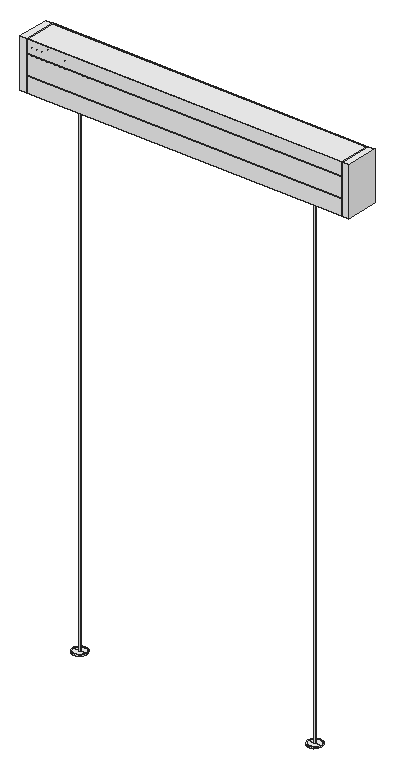
Revit family "2.3 inch  MAGIC WALL WASH LINEAR LIGHT", category Lighting Fixtures, host Face, Revit 2020 (continued)
Types (17): name | Wattage Comments | Wattage | Wall Mount | Suspenders Distance | Surface Mount | Recessed Mount | Photometric Web File | Pendent Mount | Order number | built-in parameter 1150142 | Model | built-in parameter 1150105 | Lumens | Light Source Height | Light Source Distance | built-in parameter 1150106 | Fixture Length
    \r\n 2000.70  2002.44  2001.82  1998.76  1995.53  1992.22  1988.73  1984.47  1980.23  1975.86  \r\n 1970.63  1965.35  1960.26  1956.19  1952.05  1947.59  1941.93  1936.24  1930.47  1924.37  \r\n 1918.23  1911.96  1905.01  1897.99  1890.90  1883.32  1875.71  1868.06  1859.93  1851.70  \r\n 1843.43  1834.59  1825.51  1816.33  1806.61  1796.48  1786.23  1775.88  1765.51  1752.04  \r\n 1735.76  1718.74  1701.62  1684.38  1666.69  1648.83  1630.88  1612.54  1593.68  1574.73  \r\n 1555.67  1536.00  1516.30  1496.56  1476.57  1456.32  1436.02  1415.67  1395.25  1374.74  \r\n 1354.14  1333.32  1312.07  1290.83  1269.60  1247.93  1225.74  1203.52  1181.27  1159.19  \r\n 1136.21  1112.36  1088.60  1064.80  1040.97  1017.22  993.56   969.94   946.37   922.89   \r\n 899.51   876.22   852.61   829.09   805.72   782.48   759.40   736.49   713.72   691.08   \r\n 668.57   646.14   623.71   601.39   579.19   557.11   536.79   518.98   501.28   483.69   \r\n 466.20   448.81   431.53   414.33   397.24   380.24   363.34   346.53   329.82   313.19   \r\n 296.63   280.14   263.73   247.40   231.14   214.96   198.84   182.79   166.80   154.71   \r\n 147.24   139.80   132.39   125.01   117.66   110.34   103.05   95.78    88.53    81.30    \r\n 74.09    66.90    59.73    52.56    45.42    38.28    31.15    24.02    16.91    9.79     \r\n 2.68     2.58     2.47     2.37     2.27     2.17     2.06     1.96     1.86     1.75     \r\n 1.65     1.55     1.45     1.35     1.25     1.15     1.05     0.95     0.85     0.75     \r\n 0.66     0.56     0.52     0.54     0.55     0.56     0.57     0.58     0.60     0.61     \r\n 0.62     0.64     0.65     0.66     0.68     0.69     0.71     0.72     0.74     0.75     \r\n 0.76     0.77     0.78     0.80     0.81     0.83     0.84     0.86     0.88     0.90     \r\n 0.92     0.94     0.96     0.97     0.99     1.01     1.04     1.06     1.08     1.10     \r\n 1.11     1.13     1.15     1.17     1.19     1.21     1.23     1.25     1.27     1.30     \r\n 1.32     1.34     1.36     1.37     1.39     1.41     1.42     1.44     1.46     1.47     \r\n 1.49     1.51     1.53     1.55     1.57     1.59     1.61     1.62     1.65     1.67     \r\n 1.69     1.72     1.74     1.77     1.79     1.81     1.82     1.84     1.87     1.89     \r\n 1.92     1.94     1.97     2.00     2.02     2.04     2.06     2.09     2.11     2.13     \r\n 2.16     2.19     2.21     2.24     2.27     2.29     2.32     2.35     2.37     2.39     \r\n 2.42     2.45     2.48     2.50     2.53     2.56     2.59     2.62     2.66     2.68     \r\n 2.71     2.74     2.77     2.80     2.84     2.87     2.89     2.92     2.96     2.98     \r\n 3.01     3.03     3.06     3.08     3.11     3.13     3.15     3.18     3.20     3.23     \r\n 3.26     3.28     3.31     3.33     3.36     3.38     3.41     3.44     3.46     3.49     \r\n 3.52     3.54     3.57     3.59     3.62     3.65     3.67     3.70     3.73     3.76     \r\n 3.78     3.81     3.83     3.86     3.89     3.91     3.94     3.96     3.98     4.00     \r\n 4.26     \r\n1793.11  1801.17  1809.12  1816.98  1824.22  1831.37  1838.50  1845.24  1851.87  1858.48  \r\n 1864.59  1870.40  1876.14  1881.67  1887.04  1892.38  1897.62  1902.73  1907.78  1912.64  \r\n 1917.02  1921.32  1925.53  1929.61  1933.66  1937.68  1941.65  1945.63  1949.61  1952.64  \r\n 1955.42  1958.12  1960.91  1963.74  1966.54  1969.05  1971.22  1973.33  1975.36  1975.08  \r\n 1971.98  1968.84  1965.66  1962.44  1959.17  1955.39  1951.43  1947.44  1943.28  1938.91  \r\n 1934.47  1929.87  1924.97  1920.09  1915.22  1909.32  1903.25  1897.14  1891.54  1886.39  \r\n 1881.16  1875.71  1869.31  1862.88  1856.42  1849.66  1842.75  1835.80  1828.63  1820.90  \r\n 1813.10  1805.24  1797.17  1789.00  1780.79  1766.69  1751.98  1737.16  1722.22  1706.86  \r\n 1691.10  1675.26  1659.35  1642.80  1626.02  1609.15  1592.20  1575.23  1558.17  1541.02  \r\n 1523.69  1505.73  1487.67  1469.53  1451.26  1432.74  1414.15  1395.49  1376.71  1357.17  \r\n 1337.55  1317.85  1298.07  1278.25  1258.41  1238.55  1215.98  1192.93  1169.70  1146.52  \r\n 1123.38  1100.28  1077.06  1053.89  1030.76  1007.68  984.64   961.57   938.56   915.60   \r\n 892.69   869.78   846.54   823.40   800.34   777.38   754.51   731.77   709.13   686.56   \r\n 664.05   641.60   619.22   599.57   581.09   562.69   544.39   526.17   508.04   490.01   \r\n 472.09   454.25   436.48   418.78   401.14   383.58   366.08   348.63   331.22   313.89   \r\n 296.62   279.41   262.27   245.18   228.15   211.17   194.24   179.13   171.23   163.35   \r\n 155.50   147.68   139.88   132.11   124.36   116.63   108.92   101.23   93.56    85.91    \r\n 78.27    70.64    63.03    55.42    47.83    40.25    32.67    25.10    17.53    9.96     \r\n 2.40     2.31     2.23     2.15     2.07     1.99     1.91     1.83     1.75     1.67     \r\n 1.59     1.51     1.42     1.34     1.26     1.19     1.11     1.03     0.95     0.87     \r\n 0.79     0.72     0.64     0.57     0.56     0.58     0.59     0.60     0.62     0.63     \r\n 0.65     0.66     0.68     0.69     0.71     0.72     0.74     0.75     0.76     0.78     \r\n 0.79     0.80     0.82     0.83     0.85     0.86     0.88     0.89     0.91     0.93     \r\n 0.95     0.97     0.99     1.01     1.03     1.05     1.07     1.10     1.12     1.14     \r\n 1.16     1.17     1.19     1.21     1.23     1.25     1.28     1.30     1.32     1.35     \r\n 1.37     1.39     1.42     1.44     1.46     1.48     1.50     1.52     1.54     1.56     \r\n 1.58     1.60     1.62     1.63     1.65     1.67     1.69     1.71     1.73     1.75     \r\n 1.77     1.80     1.82     1.84     1.87     1.89     1.91     1.94     1.96     1.98     \r\n 2.01     2.03     2.06     2.08     2.11     2.14     2.17     2.19     2.22     2.24     \r\n 2.26     2.28     2.30     2.33     2.35     2.38     2.40     2.43     2.46     2.48     \r\n 2.51     2.54     2.57     2.60     2.62     2.65     2.68     2.70     2.73     2.76     \r\n 2.79     2.82     2.84     2.87     2.90     2.93     2.96     2.99     3.03     3.06     \r\n 3.09     3.12     3.14     3.16     3.19     3.21     3.23     3.26     3.28     3.30     \r\n 3.33     3.35     3.37     3.40     3.42     3.44     3.47     3.49     3.52     3.54     \r\n 3.56     3.59     3.61     3.64     3.66     3.68     3.71     3.73     3.76     3.78     \r\n 3.80     3.83     3.85     3.88     3.90     3.92     3.95     3.97     3.99     4.01     \r\n 4.26     \r\n1793.11  1800.10  1806.99  1813.78  1820.22  1826.37  1832.51  1838.62  1844.30  1849.97  \r\n 1855.62  1860.90  1865.80  1870.64  1875.42  1879.94  1884.44  1888.91  1893.26  1897.49  \r\n 1901.66  1905.79  1909.32  1912.76  1916.13  1919.44  1922.70  1925.94  1929.14  1932.39  \r\n 1935.65  1938.91  1941.76  1943.79  1945.76  1947.65  1949.72  1947.66  1944.35  1940.94  \r\n 1937.09  1933.23  1929.36  1925.40  1921.34  1917.23  1913.09  1908.91  1904.69  1900.43  \r\n 1896.07  1891.21  1886.32  1881.39  1876.28  1870.87  1865.38  1859.81  1854.24  1848.71  \r\n 1843.20  1837.70  1831.29  1824.47  1817.61  1810.70  1804.40  1798.20  1791.92  1785.58  \r\n 1778.61  1767.83  1754.93  1741.91  1728.52  1714.97  1701.32  1687.58  1673.35  1658.84  \r\n 1644.24  1629.55  1614.66  1599.53  1584.31  1568.98  1553.50  1537.61  1521.62  1505.54  \r\n 1489.37  1472.93  1456.35  1439.71  1423.02  1406.21  1388.74  1371.20  1353.59  1335.93  \r\n 1318.20  1300.40  1280.12  1258.50  1236.86  1215.02  1192.85  1170.67  1148.49  1126.30  \r\n 1104.10  1081.92  1059.76  1037.60  1015.45  993.31   970.87   948.24   925.65   903.07   \r\n 880.53   858.00   835.52   813.07   790.64   768.23   745.83   723.45   701.06   678.63   \r\n 658.54   639.89   621.30   602.76   584.28   565.84   547.40   529.02   510.68   492.40   \r\n 474.16   455.98   437.83   419.74   401.67   383.65   365.66   347.72   329.82   311.95   \r\n 294.12   276.33   258.57   240.85   223.15   205.48   194.99   186.79   178.62   170.46   \r\n 162.32   154.20   146.10   138.01   129.94   121.88   113.84   105.81   97.79    89.78    \r\n 81.77    73.78    65.80    57.82    49.85    41.89    33.93    25.97    18.02    10.06    \r\n 2.11     2.05     1.99     1.92     1.86     1.80     1.73     1.67     1.61     1.54     \r\n 1.48     1.42     1.36     1.29     1.23     1.17     1.11     1.05     0.99     0.93     \r\n 0.87     0.81     0.75     0.69     0.63     0.59     0.61     0.62     0.64     0.65     \r\n 0.67     0.68     0.70     0.71     0.73     0.74     0.76     0.77     0.79     0.81     \r\n 0.82     0.84     0.85     0.87     0.89     0.90     0.92     0.94     0.96     0.99     \r\n 1.01     1.03     1.05     1.07     1.09     1.11     1.13     1.15     1.17     1.19     \r\n 1.21     1.23     1.25     1.27     1.29     1.31     1.33     1.36     1.38     1.40     \r\n 1.43     1.45     1.48     1.50     1.52     1.55     1.57     1.60     1.62     1.65     \r\n 1.67     1.69     1.71     1.73     1.75     1.77     1.79     1.81     1.83     1.85     \r\n 1.87     1.89     1.91     1.94     1.96     1.98     2.01     2.03     2.06     2.09     \r\n 2.11     2.13     2.15     2.18     2.20     2.23     2.26     2.28     2.31     2.34     \r\n 2.37     2.39     2.42     2.45     2.47     2.50     2.52     2.54     2.56     2.59     \r\n 2.61     2.63     2.66     2.68     2.71     2.74     2.76     2.79     2.82     2.84     \r\n 2.87     2.90     2.93     2.96     2.99     3.02     3.05     3.07     3.10     3.13     \r\n 3.16     3.19     3.22     3.25     3.28     3.30     3.32     3.34     3.36     3.38     \r\n 3.40     3.42     3.44     3.47     3.49     3.51     3.53     3.55     3.57     3.59     \r\n 3.61     3.64     3.66     3.68     3.70     3.72     3.75     3.77     3.79     3.81     \r\n 3.83     3.85     3.87     3.89     3.91     3.93     3.95     3.97     3.99     4.01     \r\n 4.26     \r\n1793.11  1798.98  1804.76  1810.44  1816.04  1821.15  1826.25  1831.32  1836.38  1841.07  \r\n 1845.74  1850.40  1855.06  1859.04  1862.97  1866.84  1870.66  1874.29  1877.90  1881.48  \r\n 1885.05  1888.40  1891.69  1894.95  1898.15  1900.85  1903.40  1905.87  1908.28  1910.71  \r\n 1913.14  1915.54  1917.90  1920.35  1922.85  1921.86  1918.64  1914.76  1910.34  1905.89  \r\n 1901.43  1897.02  1892.72  1888.38  1884.00  1879.55  1874.81  1870.06  1865.30  1860.53  \r\n 1855.54  1850.49  1845.40  1840.27  1835.11  1829.91  1824.68  1819.41  1814.04  1808.28  \r\n 1802.48  1796.65  1790.79  1784.56  1778.09  1771.55  1764.95  1758.33  1748.81  1737.11  \r\n 1725.31  1713.40  1700.89  1687.69  1674.45  1661.17  1647.85  1634.70  1621.57  1608.33  \r\n 1594.98  1581.53  1567.56  1553.36  1539.05  1524.64  1510.12  1495.47  1480.72  1465.90  \r\n 1451.00  1436.02  1420.78  1405.23  1389.60  1373.91  1358.15  1342.32  1326.13  1306.60  \r\n 1286.13  1265.63  1245.09  1224.47  1203.63  1182.76  1161.85  1140.91  1119.93  1098.91  \r\n 1077.81  1056.67  1035.49  1014.28  993.03   971.75   950.21   928.51   906.80   885.07   \r\n 863.32   841.56   819.78   798.03   776.33   754.61   732.89   711.59   693.13   674.69   \r\n 656.27   637.74   619.14   600.57   582.03   563.52   545.04   526.59   508.16   489.76   \r\n 471.41   453.11   434.83   416.57   398.32   380.09   361.87   343.67   325.48   307.30   \r\n 289.13   270.97   252.82   234.66   217.77   209.34   200.93   192.54   184.15   175.78   \r\n 167.42   159.07   150.73   142.40   134.08   125.77   117.47   109.18   100.89   92.61    \r\n 84.34    76.07    67.80    59.54    51.29    43.04    34.79    26.54    18.30    10.05    \r\n 1.81     1.76     1.72     1.67     1.62     1.58     1.53     1.48     1.44     1.39     \r\n 1.35     1.30     1.25     1.21     1.16     1.12     1.07     1.03     0.98     0.94     \r\n 0.89     0.85     0.81     0.76     0.72     0.68     0.63     0.64     0.66     0.68     \r\n 0.69     0.71     0.73     0.74     0.76     0.78     0.79     0.81     0.83     0.85     \r\n 0.87     0.89     0.90     0.92     0.94     0.96     0.98     1.00     1.02     1.04     \r\n 1.06     1.08     1.09     1.11     1.13     1.15     1.17     1.19     1.22     1.24     \r\n 1.26     1.28     1.31     1.33     1.35     1.38     1.40     1.43     1.45     1.48     \r\n 1.50     1.53     1.55     1.57     1.60     1.62     1.64     1.67     1.69     1.72     \r\n 1.75     1.78     1.81     1.83     1.85     1.87     1.89     1.92     1.94     1.96     \r\n 1.98     2.00     2.02     2.05     2.07     2.09     2.12     2.14     2.17     2.20     \r\n 2.22     2.25     2.28     2.30     2.33     2.35     2.37     2.40     2.42     2.45     \r\n 2.47     2.50     2.52     2.55     2.57     2.60     2.62     2.64     2.67     2.69     \r\n 2.72     2.74     2.77     2.79     2.82     2.85     2.87     2.90     2.93     2.95     \r\n 2.98     3.00     3.03     3.05     3.08     3.10     3.13     3.16     3.19     3.22     \r\n 3.24     3.27     3.30     3.33     3.36     3.39     3.41     3.43     3.45     3.47     \r\n 3.49     3.51     3.52     3.54     3.56     3.58     3.59     3.61     3.63     3.65     \r\n 3.67     3.69     3.71     3.73     3.75     3.76     3.78     3.80     3.82     3.84     \r\n 3.86     3.87     3.89     3.91     3.93     3.95     3.96     3.98     3.99     4.01     \r\n 4.26     \r\n1793.11  1797.81  1802.44  1806.98  1811.44  1815.74  1819.75  1823.76  1827.74  1831.71  \r\n 1835.51  1839.16  1842.79  1846.42  1850.03  1853.17  1856.12  1859.03  1861.89  1864.70  \r\n 1867.40  1870.09  1872.75  1875.40  1877.98  1880.37  1882.71  1885.02  1887.29  1889.33  \r\n 1890.98  1892.57  1894.09  1895.21  1890.84  1886.57  1882.28  1877.98  1873.67  1869.37  \r\n 1865.05  1860.67  1856.24  1851.75  1846.78  1841.44  1836.08  1830.70  1825.30  1819.93  \r\n 1814.60  1809.23  1803.83  1798.40  1792.89  1787.28  1781.65  1776.02  1770.37  1764.69  \r\n 1758.71  1752.69  1746.65  1740.57  1734.45  1728.30  1716.69  1704.99  1693.21  1681.34  \r\n 1669.35  1657.10  1644.81  1632.47  1620.08  1607.64  1594.94  1581.96  1568.93  1555.86  \r\n 1542.75  1529.58  1516.42  1503.20  1489.90  1476.50  1463.02  1449.45  1435.63  1421.58  \r\n 1407.50  1393.38  1379.23  1365.05  1350.84  1336.33  1320.09  1301.00  1281.85  1262.63  \r\n 1243.35  1223.93  1204.21  1184.45  1164.65  1144.82  1124.94  1105.03  1085.09  1065.07  \r\n 1045.00  1024.88  1004.70  984.48   964.21   943.89   923.51   902.90   882.25   861.56   \r\n 840.83   820.06   799.26   778.43   757.55   737.31   719.13   700.95   682.76   664.58   \r\n 646.39   628.20   610.01   591.81   573.61   555.41   537.15   518.89   500.63   482.37   \r\n 464.12   445.87   427.63   409.39   391.15   372.92   354.70   336.47   318.25   300.02   \r\n 281.79   263.56   245.34   230.02   221.49   212.98   204.47   195.96   187.46   178.97   \r\n 170.49   162.00   153.53   145.06   136.59   128.13   119.67   111.21   102.76   94.31    \r\n 85.87    77.42    68.98    60.55    52.11    43.67    35.24    26.81    18.37    9.94     \r\n 1.51     1.48     1.45     1.42     1.38     1.35     1.32     1.29     1.26     1.23     \r\n 1.20     1.16     1.13     1.10     1.07     1.04     1.01     0.98     0.95     0.92     \r\n 0.89     0.86     0.83     0.80     0.77     0.74     0.71     0.68     0.69     0.71     \r\n 0.73     0.74     0.76     0.78     0.80     0.82     0.84     0.86     0.88     0.90     \r\n 0.92     0.93     0.95     0.97     0.99     1.01     1.03     1.05     1.07     1.09     \r\n 1.11     1.13     1.15     1.17     1.20     1.22     1.24     1.27     1.29     1.32     \r\n 1.34     1.37     1.39     1.42     1.44     1.47     1.49     1.51     1.54     1.56     \r\n 1.59     1.61     1.64     1.67     1.70     1.72     1.75     1.78     1.81     1.84     \r\n 1.87     1.89     1.92     1.95     1.97     2.00     2.02     2.04     2.06     2.08     \r\n 2.10     2.12     2.14     2.16     2.19     2.21     2.24     2.26     2.28     2.31     \r\n 2.33     2.36     2.38     2.41     2.43     2.46     2.49     2.51     2.54     2.56     \r\n 2.59     2.62     2.65     2.68     2.70     2.73     2.76     2.78     2.81     2.83     \r\n 2.85     2.88     2.90     2.92     2.94     2.96     2.98     3.00     3.03     3.05     \r\n 3.08     3.10     3.13     3.15     3.18     3.20 
